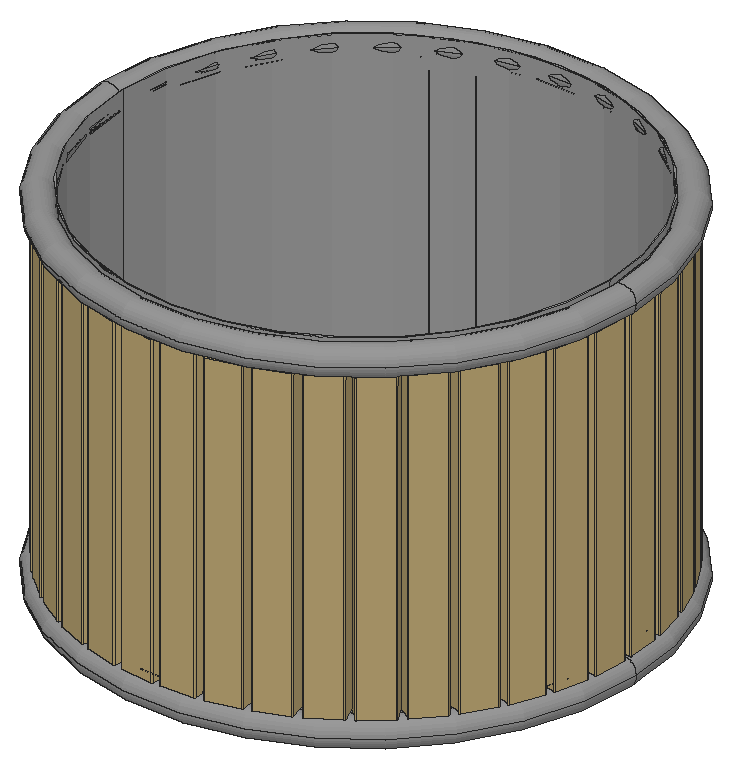
Revit family "L-FUC_식재대_YP-206_예건", category 일반 모델, Revit 2021 (continued)
Definition of nested family "YP-206_base"
  Forms (mm)
    Extrusion 26, solid, detail levels coarse+medium
      sketch origin (1541.875, 2200.494, 60) x (0.987613, 0.156911, 0) y (-0.156911, 0.987613, 0)
        loop
          line (-1777.038, -1358.415) -> (-1928.412, -1354.379) -> (-2075.674, -1389.658) -> (-2208.787, -1461.849) -> (-2318.679, -1566.033) -> (-2397.863, -1695.109) -> (-2440.941, -1840.28) -> (-2444.978, -1991.655) -> (-2409.698, -2138.917) -> (-2337.507, -2272.03) -> (-2233.324, -2381.922) -> (-2104.248, -2461.106) -> (-1959.076, -2504.184) -> (-1807.701, -2508.221) -> (-1660.439, -2472.941) -> (-1527.327, -2400.75) -> (-1417.434, -2296.567) -> (-1338.251, -2167.491) -> (-1295.173, -2022.319) -> (-1291.136, -1870.944) -> (-1326.415, -1723.682) -> (-1398.606, -1590.57) -> (-1502.79, -1480.677) -> (-1631.866, -1401.494) -> (-1777.038, -1358.415)
        loop
          line (-1779.418, -1397.144) -> (-1920.714, -1393.376) -> (-2058.17, -1426.306) -> (-2182.42, -1493.691) -> (-2284.996, -1590.938) -> (-2358.907, -1711.419) -> (-2399.117, -1846.925) -> (-2402.885, -1988.221) -> (-2369.955, -2125.678) -> (-2302.57, -2249.928) -> (-2205.323, -2352.504) -> (-2084.842, -2426.415) -> (-1949.335, -2466.625) -> (-1808.04, -2470.393) -> (-1670.583, -2437.463) -> (-1546.333, -2370.078) -> (-1443.757, -2272.831) -> (-1369.846, -2152.349) -> (-1329.636, -2016.843) -> (-1325.868, -1875.547) -> (-1358.798, -1738.091) -> (-1426.183, -1613.841) -> (-1523.43, -1511.265) -> (-1643.912, -1437.354) -> (-1779.418, -1397.144)
      from 0 to 680
    Extrusion 27, solid, detail levels coarse+medium
      sketch origin (1868.059, 167.062, 44.107) x (1, 0, 0) y (0, 1, 0)
        loop
          line (-1869.953, 367.938) -> (-2008.421, 349.708) -> (-2137.453, 296.261) -> (-2248.255, 211.24) -> (-2333.276, 100.438) -> (-2386.723, -28.594) -> (-2404.953, -167.062) -> (-2386.723, -305.53) -> (-2333.276, -434.562) -> (-2248.255, -545.364) -> (-2137.453, -630.386) -> (-2008.421, -683.832) -> (-1869.953, -702.062) -> (-1731.484, -683.832) -> (-1602.453, -630.386) -> (-1491.65, -545.364) -> (-1406.629, -434.562) -> (-1353.182, -305.53) -> (-1334.953, -167.062) -> (-1353.182, -28.594) -> (-1406.629, 100.438) -> (-1491.65, 211.24) -> (-1602.453, 296.261) -> (-1731.484, 349.708) -> (-1869.953, 367.938)
      from 0 to 1.2
    Extrusion 28, solid, detail levels coarse+medium
      sketch origin (-1379.821, 0, 0) x (1, 0, 0) y (0, 1, 0)
        loop
          line (1669.855, 502.355) -> (1529.954, 560.304) -> (1379.821, 580.07) -> (1229.688, 560.304) -> (1089.786, 502.355) -> (969.649, 410.171) -> (877.466, 290.035) -> (819.516, 150.133) -> (799.751, 0) -> (819.516, -150.133) -> (877.466, -290.035) -> (969.649, -410.171) -> (1089.786, -502.355) -> (1229.688, -560.304) -> (1379.821, -580.07) -> (1529.954, -560.304) -> (1669.855, -502.355) -> (1789.992, -410.171) -> (1882.176, -290.035) -> (1940.125, -150.133) -> (1959.89, 0) -> (1940.125, 150.133) -> (1882.176, 290.035) -> (1789.992, 410.171) -> (1669.855, 502.355)
        loop
          line (1523.684, 522.998) -> (1383.547, 541.447) -> (1243.41, 522.998) -> (1112.823, 468.907) -> (1000.686, 382.861) -> (914.64, 270.724) -> (860.549, 140.137) -> (842.099, 0) -> (860.549, -140.137) -> (914.64, -270.724) -> (1000.686, -382.861) -> (1112.823, -468.907) -> (1243.41, -522.998) -> (1383.547, -541.447) -> (1523.684, -522.998) -> (1654.271, -468.907) -> (1766.408, -382.861) -> (1852.454, -270.724) -> (1906.545, -140.137) -> (1924.994, 0) -> (1906.545, 140.137) -> (1852.454, 270.724) -> (1766.408, 382.861) -> (1654.271, 468.907) -> (1523.684, 522.998)
      from 740 to 794.31
    Extrusion 29, solid, detail levels coarse+medium
      sketch origin (-1379.821, 0, 0) x (1, 0, 0) y (0, 1, 0)
        loop
          line (1669.855, 502.355) -> (1529.954, 560.304) -> (1379.821, 580.07) -> (1229.688, 560.304) -> (1089.786, 502.355) -> (969.649, 410.171) -> (877.466, 290.035) -> (819.516, 150.133) -> (799.751, 0) -> (819.516, -150.133) -> (877.466, -290.035) -> (969.649, -410.171) -> (1089.786, -502.355) -> (1229.688, -560.304) -> (1379.821, -580.07) -> (1529.954, -560.304) -> (1669.855, -502.355) -> (1789.992, -410.171) -> (1882.176, -290.035) -> (1940.125, -150.133) -> (1959.89, 0) -> (1940.125, 150.133) -> (1882.176, 290.035) -> (1789.992, 410.171) -> (1669.855, 502.355)
        loop
          line (1523.684, 522.998) -> (1383.547, 541.447) -> (1243.41, 522.998) -> (1112.823, 468.907) -> (1000.686, 382.861) -> (914.64, 270.724) -> (860.549, 140.137) -> (842.099, 0) -> (860.549, -140.137) -> (914.64, -270.724) -> (1000.686, -382.861) -> (1112.823, -468.907) -> (1243.41, -522.998) -> (1383.547, -541.447) -> (1523.684, -522.998) -> (1654.271, -468.907) -> (1766.408, -382.861) -> (1852.454, -270.724) -> (1906.545, -140.137) -> (1924.994, 0) -> (1906.545, 140.137) -> (1852.454, 270.724) -> (1766.408, 382.861) -> (1654.271, 468.907) -> (1523.684, 522.998)
      from 0 to 60
  Dimensions and locks
    aligned and locked: level to plane 2
